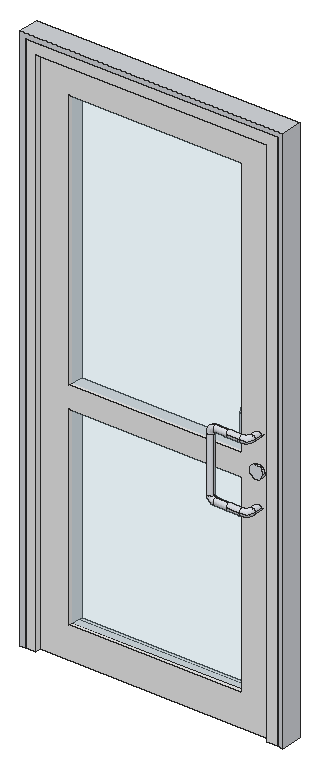
Revit family "AC_Дверь_Однопольная_ПВХ", category Двери, Revit 2019
Family settings
  Основа = Стена
  Номер OmniClass = 23.30.10.00
  Заголовок OmniClass = Doors
  Всегда вертикально = Да
  При загрузке вырезать с полостями = Нет
  Общий = Нет
  Точка расчета площади = Нет
Parameters
  Четверть_Высота [instance] = 40 mm
  Четверть [instance] = no
  Четверть_Сверху [instance] = if(Четверть, Четверть_Высота, 0 mm)  # 0 mm
  Четверть_Сбоку [instance] = if(Четверть, Четверть_Ширина, 0 mm)  # 0 mm
  Четверть_Ширина [instance] = 40 mm
  Функция = Наружные слои
  Угол плане 30 [instance] = yes
  Тип полотна двери = АС-Полотно : Остекленное
  Ручка двери = none
  Рама двери_Ширина справа = 120 mm
  Рама двери_Ширина слева = 120 mm
  Рама двери_Ширина внизу = 120 mm
  Рама двери_Ширина вверху = 120 mm
  Рама двери = none
  Полотно_Ширина = Rough Width - Коробка_Ширина * 2  # 900 mm
  Полотно_Высота = Rough Height - Коробка_Ширина  # 2050 mm
  Защитное ограждение [instance] = no
  Аналитическая конструкция = "<Нет>"
  ADSK_Обозначение = "ГОСТ 30970-2014"
  Наличник двери = none
  ADSK_Наименование = "ДПН О Оп Пр Р 2080х960"
  Монтажный зазор_Верх [instance] = 20 mm
  Коробка_Ширина = 30 mm
  Коробка_Толщина = 80 mm
  Правая = yes
  Полотно двери = none
  Остекление двери = none
  Наличник_Ширина [instance] = 60 mm
  Наличник_Толщина [instance] = 10 mm
  Наличник снаружи [instance] = no
  Наличник внутри [instance] = no
  Монтажный зазор_Справа и Слева [instance] = 20 mm
  Вставка(Четверть.Глубина) [instance] = 0 mm
  Левая = not(Правая)  # no
  Инструкция по семейству [instance] = ""
  Огибание наружных слоев [instance] = 0 mm
  Width [instance] = Rough Width + Монтажный зазор_Справа и Слева * 2  # 1000 mm
  Thickness = 60 mm
  Rough Width = 960 mm
  Rough Height = 2080 mm
  Model = ""
  Manufacturer = ""
  Wall Closure = (empty or 0)
  Height [instance] = Rough Height + Монтажный зазор_Верх  # 2100 mm
  Описание = "Дверь ПВХ остекленная наружная"
  Тип конструкций = "Дверь ПВХ"
  ADSK_Этаж [instance] = ""
  ADSK_Толщина стены [instance] = 0 mm
  ADSK_Примечание [instance] = ""
  ADSK_Предел огнестойкости = ""
  ADSK_Позиция [instance] = ""
  ADSK_Открывание = if(Правая, "Правая", "Левая")  # "Правая"
  ADSK_Откосы_Глубина [instance] = 520 mm
  ADSK_Наименование краткое = ""
  ADSK_Масса_Текст = ""
  ADSK_Количество [instance] = 0
  ADSK_Код изделия = ""
  ADSK_Зона [instance] = ""
  ADSK_Завод-изготовитель = ""
  ADSK_Единица измерения = ""
  ADSK_Группирование [instance] = ""
  ADSK_Версия Revit = "v2019"  # constant formula
  ADSK_URL страницы изделия = ""
  ADSK_URL документации изделия = ""
Reference planes
  plane 1: y = 0
  plane 2 "По центру (Влево/Вправо)": x = 0
  plane 3 "Слева": x = -500
  plane 4 "Справа": x = 500
  plane 5: z = 2100
  plane 6 "Наружный": y = 300
  plane 7 "Внутренние": y = -300
  plane 8 "Вставка двери": y = 300
  plane 9 "Четверть слева": x = -500
  plane 10 "Четверть справа": x = 500
  plane 11 "Четверть сверху": z = 2100
  plane 12 "Полотно двери": y = 240
  plane 13 "Рама внутри": y = 220
  plane 14 "Монтажный зазор слева": x = -480
  plane 15 "Монтажный зазор справа": x = 480
  plane 16 "Монтажный зазор сверху": z = 2080
  plane 17 "Глубина огибания наружного слоя": y = 300
  plane 18: y = 310
  plane 19: x = 490
  plane 20: y = -310
  plane 21: x = -490
  plane 22: x = -450
  plane 23: x = 450
  plane 24: z = 1025
  plane 25 "Верх полотна": z = 2050
Forms (mm)
  Extrusion 1, void
    sketch origin (0, 0, 0) x (1, 0, 0) y (0, 1, 0)
      loop
        line (500, 300) -> (-500, 300) -> (-500, -800) -> (500, -800) -> (500, 300)
    from 0 to 2100
  Extrusion 2, void
    sketch origin (0, 0, 0) x (1, 0, 0) y (0, 1, 0)
      loop
        line (500, 800) -> (-500, 800) -> (-500, 300) -> (500, 300) -> (500, 800)
    from 0 to 2100
  Sweep 3, solid, material <- "Наличник двери", visible <- "Наличник снаружи", detail levels fine
    path origin (0, 300, 0) x (1, 0, 0) y (0, 0, 1)
      loop
        line (-500, 0) -> (-500, 2100) -> (500, 2100) -> (500, 0)
    profile origin (-500, 300, 1050) x (-1, 0, 0) y (0, -1, 0)
      loop
        line (-10, 0) -> (-10, -5)
        arc (-10, -5) -> (-8.536, -8.536) -> (-5, -10) r 5
        line (-5, -10) -> (45, -10)
        arc (45, -10) -> (48.536, -8.536) -> (50, -5) r 5
        line (50, -5) -> (50, 0) -> (-10, 0)
  Sweep 4, solid, material <- "Наличник двери", visible <- "Наличник внутри", detail levels fine
    path origin (0, -300, 0) x (1, 0, 0) y (0, 0, 1)
      loop
        line (-500, 0) -> (-500, 2100) -> (500, 2100) -> (500, 0)
    profile origin (-500, -300, 1050) x (-1, 0, 0) y (0, -1, 0)
      loop
        line (-20, 0) -> (40, 0) -> (40, 5)
        arc (40, 5) -> (38.536, 8.536) -> (35, 10) r 5
        line (35, 10) -> (-15, 10)
        arc (-15, 10) -> (-18.536, 8.536) -> (-20, 5) r 5
        line (-20, 5) -> (-20, 0)
  Sweep 5, solid, material <- "Рама двери", detail levels medium+fine
    path origin (0, 300, 0) x (-1, 0, 0) y (0, 0, 1)
      loop
        line (480, 0) -> (480, 2080) -> (-480, 2080) -> (-480, 0)
    profile origin (480, 300, 1040) x (0, 1, 0) y (-1, 0, 0)
      loop
        line (0, 0) -> (0, 30) -> (-60, 30) -> (-60, 40) -> (-80, 40) -> (-80, 0) -> (0, 0)
  Sweep 6, solid, material <- "Наличник двери", visible <- "Наличник внутри", detail levels fine
    path origin (0, 220, 0) x (-1, 0, 0) y (0, 0, 1)
      loop
        line (500, 0) -> (500, 2100) -> (-500, 2100) -> (-500, 0)
    profile origin (-500, 220, 1050) x (1, 0, 0) y (0, 1, 0)
      loop
        line (0, -525) -> (20, -525) -> (20, 0) -> (0, 0) -> (0, -525)
  Sweep 7, solid, material <- "Наличник двери", visible <- "Наличник снаружи", detail levels fine
    path origin (0, 300, 0) x (-1, 0, 0) y (0, 0, 1)
      loop
        line (500, 0) -> (500, 2100) -> (-500, 2100) -> (-500, 0)
    profile origin (500, 300, 1050) x (0, 1, 0) y (-1, 0, 0)
      loop
        line (5, 0) -> (5, 10) -> (0, 10) -> (0, 0) -> (5, 0)
  Extrusion 8, solid, material <- "Рама двери", detail levels medium+fine
    sketch origin (-2514.822, 300, 1200) x (-1, 0, 0) y (0, 0, 1)
      loop
        line (-3014.822, 900) -> (-3014.822, -1200) -> (-2994.822, -1200) -> (-2994.822, 880) -> (-2034.822, 880) -> (-2034.822, -1200) -> (-2014.822, -1200) -> (-2014.822, 900) -> (-3014.822, 900)
    from 0 to -80
  Extrusion 9, solid, material <- "Полотно двери", detail levels coarse
    sketch origin (0, 0, 0) x (1, 0, 0) y (0, 1, 0)
      loop
        line (-500, 300) -> (-500, 220) -> (500, 220) -> (500, 300) -> (-500, 300)
    from 0 to 2100
Cuts and joins
  joined: Sweep 4, Sweep 6
  joined: Sweep 3, Sweep 7
Lines and regions (mm)
  Masking region 1, detail levels fine
    outline origin (0, 0, 0) x (0, 1, 0) y (0, 0, 1)
      loop
        line (220, 2040) -> (240, 2040) -> (240, 2050) -> (300, 2050) -> (300, 2080) -> (220, 2080) -> (220, 2040)
  Masking region 2, detail levels fine
    outline origin (0, 0, 0) x (0, 1, 0) y (0, 0, 1)
      loop
        line (300, 2080) -> (300, 2100) -> (220, 2100) -> (220, 2080) -> (300, 2080)
  Masking region 3, detail levels fine
    outline origin (0, 0, 0) x (0, 1, 0) y (0, 0, 1)
      loop
        line (300, 0) -> (300, 2050) -> (240, 2050) -> (240, 0) -> (300, 0)
  Masking region 4, detail levels fine
    outline origin (0, 0, 0) x (0, 1, 0) y (0, 0, 1)
      loop
        line (220, 2040) -> (220, 0) -> (240, 0) -> (240, 2040) -> (220, 2040)
  Masking region 5, detail levels coarse+medium
    outline origin (0, 0, 0) x (0, 1, 0) y (0, 0, 1)
      loop
        line (300, 0) -> (300, 2100) -> (220, 2100) -> (220, 0) -> (300, 0)
  symbolic lines, style "Открывание", visible <- "Правая", detail levels medium
    curve 1: line (-450, 300, 0) -> (450, 300, 1025)
    curve 2: line (450, 300, 1025) -> (-450, 300, 2050)
  symbolic lines, style "Открывание", visible <- "Левая", detail levels medium
    curve 3: line (450, 300, 0) -> (-450, 300, 1025)
    curve 4: line (-450, 300, 1025) -> (450, 300, 2050)
Text (mm)
  text "Наружный" at (-2295.016, 1099.543, 0), in view "Опорный уровень "
  text "Наружный" at (0, 1615.38, 3698.081), in view "Слева"
  text "Наружный" at (0, 1036.032, 3874.932), in view "Справа"
Dimensions and locks
  equal spacing: plane 14 "Монтажный зазор слева", plane 2 "По центру (Влево/Вправо)", plane 15 "Монтажный зазор справа"
  "Width": plane 3 "Слева" to plane 4 "Справа"
  "Rough Height": host wall to plane 16 "Монтажный зазор сверху"
  "Height": host wall to plane 5
  locked: plane 6 "Наружный" to host wall at 0
  locked: plane 7 "Внутренние" to host wall
  locked: Extrusion 1 sketch curve to plane 7 "Внутренние" at 500
  "Четверть_Сбоку": plane 3 "Слева" to plane 9 "Четверть слева"
  "Четверть_Сбоку": plane 10 "Четверть справа" to plane 4 "Справа"
  "Четверть_Сверху": plane 11 "Четверть сверху" to plane 5
  locked: plane 6 "Наружный" to Extrusion 2 sketch curve at 500
  "Вставка(Четверть.Глубина)": plane 6 "Наружный" to plane 8 "Вставка двери"
  "Наличник_Ширина": Sweep 3 sketch curve to plane 21
  "Коробка_Толщина": plane 8 "Вставка двери" to plane 13 "Рама внутри"
  "Thickness": plane 8 "Вставка двери" to plane 12 "Полотно двери"
  "Огибание наружных слоев": plane 6 "Наружный" to plane 17 "Глубина огибания наружного слоя"
  "Наличник_Ширина": Sweep 4 sketch curve to Sweep 4 sketch curve
  locked: Sweep 4 sketch curve to Sweep 4 sketch curve at 5  (x4)
  locked: Sweep 3 sketch curve to Sweep 3 sketch curve at 5
  "Коробка_Ширина": Sweep 5 sketch curve to profile plane
  locked: Sweep 5 sketch curve to Sweep 5 sketch curve at 10
  locked: Sweep 6 sketch curve to plane 20 at 5
  "Наличник_Толщина": plane 7 "Внутренние" to plane 20
  "Наличник_Толщина": plane 18 to plane 6 "Наружный"
  "Наличник_Толщина": plane 9 "Четверть слева" to plane 21
  "Наличник_Толщина": plane 19 to plane 10 "Четверть справа"
  locked: plane 18 to Sweep 3 sketch curve at 5  (x2)
  locked: Sweep 3 sketch curve to plane 21 at 5
  locked: plane 18 to Sweep 7 sketch curve at 5
  "ADSK_Откосы_Глубина": plane 7 "Внутренние" to plane 13 "Рама внутри"
  equal spacing: plane 3 "Слева", plane 2 "По центру (Влево/Вправо)", plane 4 "Справа"
  "Rough Width": plane 14 "Монтажный зазор слева" to plane 15 "Монтажный зазор справа"
  "Коробка_Ширина": plane 14 "Монтажный зазор слева" to plane 22
  "Коробка_Ширина": plane 23 to plane 15 "Монтажный зазор справа"
  equal spacing: level, plane 24, plane 25 "Верх полотна"
  "Коробка_Ширина": plane 25 "Верх полотна" to plane 16 "Монтажный зазор сверху"
  aligned and locked: plane 1 to host wall
  aligned and locked: plane 8 "Вставка двери" to Extrusion 1 sketch curve
  aligned and locked: plane 3 "Слева" to Extrusion 1 sketch curve
  aligned and locked: Extrusion 1 sketch curve to plane 4 "Справа"
  aligned and locked: Extrusion 1 to level
  aligned and locked: Extrusion 1 to plane 5
  aligned and locked: Extrusion 2 sketch curve to plane 8 "Вставка двери"
  aligned and locked: plane 10 "Четверть справа" to Extrusion 2 sketch curve
  aligned and locked: Extrusion 2 sketch curve to plane 9 "Четверть слева"
  aligned and locked: Extrusion 2 to level
  aligned and locked: plane 11 "Четверть сверху" to Extrusion 2
  aligned and locked: plane 9 "Четверть слева" to Sweep 3 sketch curve
  aligned and locked: plane 11 "Четверть сверху" to Sweep 3 sketch curve
  aligned and locked: plane 10 "Четверть справа" to Sweep 3 sketch curve
  aligned and locked: Sweep 4 sketch curve to plane 3 "Слева"
  aligned and locked: Sweep 4 sketch curve to plane 5
  aligned and locked: Sweep 4 sketch curve to plane 4 "Справа"
  aligned and locked: level to Sweep 4 sketch curve  (x2)
  aligned and locked: Sweep 4 sketch curve to plane 7 "Внутренние"
  aligned and locked: Sweep 5 sketch curve to plane 15 "Монтажный зазор справа"
  aligned and locked: Sweep 5 sketch curve to plane 16 "Монтажный зазор сверху"
  aligned and locked: Sweep 5 sketch curve to plane 14 "Монтажный зазор слева"
  aligned and locked: level to Sweep 5 sketch curve  (x2)
  aligned and locked: profile plane to Sweep 5 sketch curve
  aligned and locked: plane 13 "Рама внутри" to Sweep 5 sketch curve
  aligned and locked: plane 8 "Вставка двери" to Sweep 5 sketch curve
  aligned and locked: plane 12 "Полотно двери" to Sweep 5 sketch curve
  aligned and locked: Sweep 4 sketch curve to plane 14 "Монтажный зазор слева"
  aligned and locked: plane 3 "Слева" to Sweep 6 sketch curve
  aligned and locked: plane 5 to Sweep 6 sketch curve
  aligned and locked: plane 4 "Справа" to Sweep 6 sketch curve
  aligned and locked: level to Sweep 6 sketch curve  (x2)
  aligned and locked: Sweep 6 sketch curve to plane 3 "Слева"
  aligned and locked: Sweep 6 sketch curve to plane 14 "Монтажный зазор слева"
  aligned and locked: Sweep 6 sketch curve to plane 13 "Рама внутри"
  aligned and locked: profile plane to Sweep 3 sketch curve
  aligned and locked: level to Sweep 7 sketch curve  (x2)
  aligned and locked: Sweep 7 sketch curve to plane 11 "Четверть сверху"
  aligned and locked: plane 10 "Четверть справа" to Sweep 7 sketch curve  (x2)
  aligned and locked: plane 9 "Четверть слева" to Sweep 7 sketch curve
  aligned and locked: plane 8 "Вставка двери" to Sweep 7 sketch curve
  aligned and locked: plane 20 to Sweep 4 sketch curve
  aligned and locked: plane 18 to Sweep 3 sketch curve
  aligned and locked: Sweep 7 sketch curve to plane 19
  aligned and locked: Masking region 1 sketch curve to Sweep 5  (x2)
  aligned and locked: plane 12 "Полотно двери" to Masking region 1 sketch curve
  aligned and locked: plane 13 "Рама внутри" to Masking region 1 sketch curve
  aligned and locked: plane 8 "Вставка двери" to Masking region 1 sketch curve
  aligned and locked: plane 16 "Монтажный зазор сверху" to Masking region 1 sketch curve
  aligned and locked: plane 8 "Вставка двери" to Masking region 2 sketch curve
  aligned and locked: plane 13 "Рама внутри" to Masking region 2 sketch curve
  aligned and locked: plane 16 "Монтажный зазор сверху" to Masking region 2 sketch curve
  aligned and locked: plane 5 to Masking region 2 sketch curve
  aligned and locked: plane 8 "Вставка двери" to Masking region 3 sketch curve
  aligned and locked: plane 12 "Полотно двери" to Masking region 3 sketch curve
  aligned and locked: level to Masking region 3 sketch curve
  aligned and locked: Masking region 3 sketch curve to Sweep 5
  aligned and locked: Masking region 4 sketch curve to Sweep 5
  aligned and locked: plane 13 "Рама внутри" to Masking region 4 sketch curve
  aligned and locked: plane 12 "Полотно двери" to Masking region 4 sketch curve
  aligned and locked: level to Masking region 4 sketch curve
  aligned and locked: plane 8 "Вставка двери" to Masking region 5 sketch curve
  aligned and locked: plane 13 "Рама внутри" to Masking region 5 sketch curve
  aligned and locked: plane 5 to Masking region 5 sketch curve
  aligned and locked: level to Masking region 5 sketch curve
  aligned and locked: Extrusion 8 sketch curve to plane 4 "Справа"
  aligned and locked: Extrusion 8 sketch curve to plane 3 "Слева"
  aligned and locked: Extrusion 8 sketch curve to plane 5
  aligned and locked: Extrusion 8 sketch curve to plane 16 "Монтажный зазор сверху"
  aligned and locked: Extrusion 8 sketch curve to plane 14 "Монтажный зазор слева"
  aligned and locked: Extrusion 8 sketch curve to plane 15 "Монтажный зазор справа"
  aligned and locked: Extrusion 8 sketch curve to level
  aligned and locked: Extrusion 8 to plane 13 "Рама внутри"
  aligned and locked: plane 8 "Вставка двери" to Extrusion 8
  aligned and locked: nested 1 to plane 8 "Вставка двери"
  aligned and locked: nested 1 to plane 3 "Слева"
  aligned and locked: nested 1 to plane 4 "Справа"
  aligned and locked: nested 2 to plane 4 "Справа"
  aligned and locked: nested 2 to plane 3 "Слева"
  aligned and locked: plane 8 "Вставка двери" to nested 2
  aligned and locked: nested 3 to plane 8 "Вставка двери"
  aligned and locked: nested 3 to plane 22
  aligned and locked: nested 3 to plane 23
  aligned and locked: nested 4 to plane 8 "Вставка двери"
  aligned and locked: nested 4 to plane 22
  aligned and locked: plane 8 "Вставка двери" to nested 5
  aligned and locked: nested 5 to plane 23
  aligned and locked: Extrusion 9 sketch curve to plane 8 "Вставка двери"
  aligned and locked: Extrusion 9 sketch curve to plane 13 "Рама внутри"
  aligned and locked: Extrusion 9 sketch curve to plane 4 "Справа"
  aligned and locked: Extrusion 9 sketch curve to plane 3 "Слева"
  aligned and locked: Extrusion 9 to level
  aligned and locked: Extrusion 9 to plane 5
  aligned and locked: curve 3 to Sweep 5
  aligned and locked: Sweep 5 to curve 1
  aligned and locked: plane 25 "Верх полотна" to curve 2
  aligned and locked: plane 25 "Верх полотна" to curve 4
  aligned and locked: plane 24 to curve 2
  aligned and locked: plane 24 to curve 4
  aligned and locked: level to curve 1
  aligned and locked: level to curve 3
  aligned and locked: plane 22 to curve 2
  aligned and locked: plane 23 to curve 4
  aligned and locked: plane 23 to curve 2
  aligned and locked: plane 22 to curve 4
Automatic sketch dimensions
  Sweep 3 sketch curve to level = 0 mm  (x2)
  Extrusion 8 sketch curve to level = 0 mm
Nested families
  nested 1: "АС-Однопольная-Обозначение на плане" at (0, 300, 0), Height <- "Height", Rough Width <- "Rough Width", Thickness <- "Thickness", Коробка.Толщина <- "Коробка_Толщина", Полотно.Ширина <- "Полотно_Ширина", visible <- "Левая", Width <- "Width", type "АС-Стандарт"
    with Полотно.Ширина 900 mm, Коробка.Толщина 80 mm, Width 1000 mm, Thickness 60 mm, Rough Width 960 mm, Height 2100 mm, Открывание двери 90 no, Открывание двери 30 yes, Линия открывания (дуга) no
  nested 2: "АС-Однопольная-Обозначение на плане" at (0, 300, 0) x (-1, 0, 0) z (0, 0, 1), Height <- "Height", Rough Width <- "Rough Width", Thickness <- "Thickness", Коробка.Толщина <- "Коробка_Толщина", Полотно.Ширина <- "Полотно_Ширина", visible <- "Правая", Width <- "Width", type "АС-Стандарт"
    with Полотно.Ширина 900 mm, Коробка.Толщина 80 mm, Width 1000 mm, Thickness 60 mm, Rough Width 960 mm, Height 2100 mm, Открывание двери 90 no, Открывание двери 30 yes, Линия открывания (дуга) no
  nested 3: "АС-Полотно" at (0, 300, 0), Рама.Ширина справа <- "Рама двери_Ширина справа", Рама.Ширина слева <- "Рама двери_Ширина слева", Рама.Ширина внизу <- "Рама двери_Ширина внизу", Рама.Ширина вверху <- "Рама двери_Ширина вверху", Полотно двери.Толщина <- "Thickness", Полотно двери.Высота <- "Полотно_Высота", Полотно двери.Ширина <- "Полотно_Ширина", type <- "Тип полотна двери", Фурнитура <- "Ручка двери", Полотно двери <- "Полотно двери", Остекление двери <- "Остекление двери", Защитные ограждения <- "Защитное ограждение", type "Остекленное"
    with Фурнитура none, Рама.Ширина справа 120 mm, Рама.Ширина слева 120 mm, Рама.Ширина внизу 120 mm, Рама.Ширина вверху 120 mm, Полотно двери.Ширина 900 mm, Полотно двери.Толщина 60 mm, Полотно двери.Высота 2050 mm, Полотно двери none, Остекление двери none, Защитные ограждения no
  nested 4: "АС-Ручка двери" at (-450, 300, 0), Полотно двери.Толщина <- "Thickness", visible <- "Левая", Ручка двери <- "Ручка двери", type "АС-Стандарт"
    with Ручка двери none, Полотно двери.Толщина 60 mm, Отступ ручки от края 60 mm, Высота расположения ручки 1025 mm
  nested 5: "АС-Ручка двери" at (450, 300, 0) x (-1, 0, 0) z (0, 0, 1), Полотно двери.Толщина <- "Thickness", visible <- "Правая", Ручка двери <- "Ручка двери", type "АС-Стандарт"
    with Ручка двери none, Полотно двери.Толщина 60 mm, Отступ ручки от края 60 mm, Высота расположения ручки 1025 mm
Definition of nested family "АС-Полотно"
  Parameters (values of type "Остекленное")
    Фурнитура [instance] = none
    Рама.Ширина справа [instance] = 80 mm
    Рама.Ширина слева [instance] = 80 mm
    Рама.Ширина внизу [instance] = 80 mm
    Рама.Ширина вверху [instance] = 80 mm
    Остекленное = not(or(Глухой низ, Глухое))  # yes
    Полотно двери.Ширина [instance] = 1000 mm
    Полотно двери.Толщина [instance] = 60 mm
    Полотно двери.Высота [instance] = 2400 mm
    Полотно двери [instance] = none
    Защитные ограждения [instance] = no
    Глухой низ = no
    Остекление двери [instance] = none
    Default Elevation = 0 mm
    Глухое = no
    Analytic Construction = "<Нет>"
  Types (3, lengths in mm): name | Остекленное | Полотно двери.Ширина | Полотно двери.Высота | Глухой низ | Глухое
    Глухой низ | no | 900 | 2100 | yes | no
    Остекленное | yes | 1000 | 2400 | no | no
    Глухое | no | 900 | 2100 | no | yes
  Reference planes
    plane 1 "Center (Front/Back)": y = 0
    plane 2: z = 0
    plane 3 "Center (Left/Right)": x = 0
    plane 4: x = -500
    plane 5: x = 500
    plane 6 "Back": y = -60
    plane 7: z = 2400
    plane 8 "Остекление снаружи": y = -15
    plane 9 "Остекление внутри": y = -45
    plane 10 "Ширина рамы справа": x = -420
    plane 11 "Ширина рамы слева": x = 420
    plane 12 "Ширина рамы внизу": z = 80
    plane 13 "Ширина рамы вверху": z = 2320
    plane 14: z = 350
    plane 15: z = 500
    plane 16: z = 650
  Forms (mm)
    Extrusion 1, solid, material <- "Полотно двери", detail levels medium+fine
      sketch origin (0, 0, 0) x (1, 0, 0) y (0, 0, 1)
        loop
          line (-500, 2400) -> (-500, 0) -> (500, 0) -> (500, 2400) -> (-500, 2400)
        loop
          line (-420, 2320) -> (-420, 940) -> (420, 940) -> (420, 2320) -> (-420, 2320)
        loop
          line (-420, 80) -> (420, 80) -> (420, 860) -> (-420, 860) -> (-420, 80)
      from 0 to 60 <- "Полотно двери.Толщина"
    Extrusion 2, solid, material <- "Остекление двери", visible <- "Остекленное", detail levels medium+fine
      sketch origin (-646.608, -15, 1200) x (-1, 0, 0) y (0, 0, 1)
        loop
          line (-226.608, 1120) -> (-1066.608, 1120) -> (-1066.608, -1120) -> (-226.608, -1120) -> (-226.608, 1120)
      from 0 to -30
    Extrusion 3, solid, material <- "Остекление двери", visible <- "Глухой низ", detail levels medium+fine
      sketch origin (-646.608, -15, 1200) x (-1, 0, 0) y (0, 0, 1)
        loop
          line (-226.608, 1120) -> (-1066.608, 1120) -> (-1066.608, -260) -> (-226.608, -260) -> (-226.608, 1120)
      from 0 to -30
    Extrusion 4, solid, material <- "Полотно двери", visible <- "Глухой низ", detail levels medium+fine
      sketch origin (-646.608, -15, 1200) x (-1, 0, 0) y (0, 0, 1)
        loop
          line (-226.608, -340) -> (-1066.608, -340) -> (-1066.608, -1120) -> (-226.608, -1120) -> (-226.608, -340)
      from 0 to -30
    Extrusion 5, solid, material <- "Полотно двери", visible <- "Глухое", detail levels medium+fine
      sketch origin (0, 0, 0) x (1, 0, 0) y (0, 0, 1)
        loop
          line (-420, 2320) -> (-420, 80) -> (420, 80) -> (420, 2320) -> (-420, 2320)
      from 15 to 45
    Sweep 6, solid, material <- "Фурнитура", visible <- "Защитные ограждения", detail levels medium+fine
      path origin (-858.179, -1524, 650) x (-1, 0, 0) y (0, -1, 0)
        loop
          arc (-408.179, -1449) -> (-412.572, -1438.393) -> (-423.179, -1434) r 15
          line (-423.179, -1434) -> (-1293.179, -1434)
          arc (-1293.179, -1434) -> (-1303.785, -1438.393) -> (-1308.179, -1449) r 15
          line (-1308.179, -1449) -> (-1308.179, -1539)
          arc (-1308.179, -1539) -> (-1303.785, -1549.607) -> (-1293.179, -1554) r 15
          line (-1293.179, -1554) -> (-423.179, -1554)
          arc (-423.179, -1554) -> (-412.572, -1549.607) -> (-408.179, -1539) r 15
          line (-408.179, -1539) -> (-408.179, -1449)
      profile origin (-450, -30, 650) x (-1, 0, 0) y (0, 0, 1)
        loop
          circle (0, 0) r 10
    Sweep 7, solid, material <- "Фурнитура", visible <- "Защитные ограждения", detail levels medium+fine
      path origin (-832.344, -1524, 500) x (-1, 0, 0) y (0, -1, 0)
        loop
          arc (-382.344, -1449) -> (-386.737, -1438.393) -> (-397.344, -1434) r 15
          line (-397.344, -1434) -> (-1267.344, -1434)
          arc (-1267.344, -1434) -> (-1277.951, -1438.393) -> (-1282.344, -1449) r 15
          line (-1282.344, -1449) -> (-1282.344, -1539)
          arc (-1282.344, -1539) -> (-1277.951, -1549.607) -> (-1267.344, -1554) r 15
          line (-1267.344, -1554) -> (-397.344, -1554)
          arc (-397.344, -1554) -> (-386.737, -1549.607) -> (-382.344, -1539) r 15
          line (-382.344, -1539) -> (-382.344, -1449)
      profile origin (-450, -30, 500) x (-1, 0, 0) y (0, 0, 1)
        loop
          circle (0, 0) r 10
    Sweep 8, solid, material <- "Фурнитура", visible <- "Защитные ограждения", detail levels medium+fine
      path origin (-812.323, -1524, 350) x (-1, 0, 0) y (0, -1, 0)
        loop
          arc (-362.323, -1449) -> (-366.716, -1438.393) -> (-377.323, -1434) r 15
          line (-377.323, -1434) -> (-1247.323, -1434)
          arc (-1247.323, -1434) -> (-1257.93, -1438.393) -> (-1262.323, -1449) r 15
          line (-1262.323, -1449) -> (-1262.323, -1539)
          arc (-1262.323, -1539) -> (-1257.93, -1549.607) -> (-1247.323, -1554) r 15
          line (-1247.323, -1554) -> (-377.323, -1554)
          arc (-377.323, -1554) -> (-366.716, -1549.607) -> (-362.323, -1539) r 15
          line (-362.323, -1539) -> (-362.323, -1449)
      profile origin (-450, -30, 350) x (-1, 0, 0) y (0, 0, 1)
        loop
          circle (0, 0) r 10
  Dimensions and locks
    "Полотно двери.Толщина": plane 1 "Center (Front/Back)" to plane 6 "Back"
    equal spacing: plane 4, plane 3 "Center (Left/Right)", plane 5
    "Полотно двери.Ширина": plane 4 to plane 5
    "Полотно двери.Высота": plane 7 to plane 2
    locked: plane 9 "Остекление внутри" to plane 6 "Back" at 15
    locked: plane 1 "Center (Front/Back)" to plane 8 "Остекление снаружи" at 15
    "Рама.Ширина вверху": plane 7 to plane 13 "Ширина рамы вверху"
    "Рама.Ширина внизу": plane 12 "Ширина рамы внизу" to plane 2
    "Рама.Ширина справа": plane 5 to plane 11 "Ширина рамы слева"
    "Рама.Ширина слева": plane 10 "Ширина рамы справа" to plane 4
    plane 7 to plane 2 = 2400 mm
    locked: Extrusion 1 sketch curve to plane 2 at 860
    locked: Extrusion 1 sketch curve to Extrusion 1 sketch curve at 80
    locked: plane 16 to plane 2 at 650
    plane 16 to plane 15 to plane 14 = 150 mm locked, 150 mm locked
    locked: Sweep 6 sketch curve to profile plane at 0
    locked: profile plane to Sweep 6 sketch curve at 0
    locked: Sweep 6 sketch curve to Sweep 6 sketch curve at 15  (x8)
    locked: Sweep 6 sketch curve to plane 10 "Ширина рамы справа" at 30
    locked: plane 11 "Ширина рамы слева" to Sweep 6 sketch curve at 30
    locked: plane 1 "Center (Front/Back)" to Sweep 6 sketch curve at 30
    locked: plane 6 "Back" to Sweep 6 sketch curve at 30
    locked: Sweep 7 sketch curve to profile plane at 0
    locked: profile plane to Sweep 7 sketch curve at 0
    locked: Sweep 7 sketch curve to Sweep 7 sketch curve at 15  (x8)
    locked: Sweep 7 sketch curve to plane 10 "Ширина рамы справа" at 30
    locked: plane 11 "Ширина рамы слева" to Sweep 7 sketch curve at 30
    locked: plane 1 "Center (Front/Back)" to Sweep 7 sketch curve at 30
    locked: plane 6 "Back" to Sweep 7 sketch curve at 30
    locked: Sweep 8 sketch curve to profile plane at 0
    locked: profile plane to Sweep 8 sketch curve at 0
    locked: Sweep 8 sketch curve to Sweep 8 sketch curve at 15  (x8)
    locked: Sweep 8 sketch curve to plane 10 "Ширина рамы справа" at 30
    locked: plane 11 "Ширина рамы слева" to Sweep 8 sketch curve at 30
    locked: plane 6 "Back" to Sweep 8 sketch curve at 30
    locked: plane 1 "Center (Front/Back)" to Sweep 8 sketch curve at 30
    aligned and locked: level to plane 2
    aligned and locked: Extrusion 1 sketch curve to plane 7
    aligned and locked: plane 4 to Extrusion 1 sketch curve
    aligned and locked: plane 2 to Extrusion 1 sketch curve
    aligned and locked: Extrusion 1 sketch curve to plane 5
    aligned and locked: Extrusion 1 to plane 1 "Center (Front/Back)"
    aligned and locked: Extrusion 1 to plane 6 "Back"
    aligned and locked: Extrusion 2 sketch curve to plane 10 "Ширина рамы справа"
    aligned and locked: Extrusion 2 sketch curve to plane 11 "Ширина рамы слева"
    aligned and locked: plane 13 "Ширина рамы вверху" to Extrusion 2 sketch curve
    aligned and locked: plane 12 "Ширина рамы внизу" to Extrusion 2 sketch curve
    aligned and locked: Extrusion 2 to plane 8 "Остекление снаружи"
    aligned and locked: Extrusion 2 to plane 9 "Остекление внутри"
    aligned and locked: Extrusion 1 sketch curve to plane 10 "Ширина рамы справа"
    aligned and locked: Extrusion 1 sketch curve to plane 11 "Ширина рамы слева"
    aligned and locked: Extrusion 1 sketch curve to plane 13 "Ширина рамы вверху"
    aligned and locked: Extrusion 1 sketch curve to plane 12 "Ширина рамы внизу"
    aligned and locked: Extrusion 3 sketch curve to plane 10 "Ширина рамы справа"
    aligned and locked: Extrusion 3 sketch curve to plane 11 "Ширина рамы слева"
    aligned and locked: plane 13 "Ширина рамы вверху" to Extrusion 3 sketch curve
    aligned and locked: Extrusion 3 sketch curve to Extrusion 1
    aligned and locked: Extrusion 3 to plane 8 "Остекление снаружи"
    aligned and locked: Extrusion 3 to plane 9 "Остекление внутри"
    aligned and locked: plane 10 "Ширина рамы справа" to Extrusion 4 sketch curve
    aligned and locked: plane 11 "Ширина рамы слева" to Extrusion 4 sketch curve
    aligned and locked: plane 12 "Ширина рамы внизу" to Extrusion 4 sketch curve
    aligned and locked: Extrusion 4 sketch curve to Extrusion 1
    aligned and locked: Extrusion 4 to plane 8 "Остекление снаружи"
    aligned and locked: Extrusion 4 to plane 9 "Остекление внутри"
    aligned and locked: Extrusion 5 sketch curve to plane 13 "Ширина рамы вверху"
    aligned and locked: plane 12 "Ширина рамы внизу" to Extrusion 5 sketch curve
    aligned and locked: plane 10 "Ширина рамы справа" to Extrusion 5 sketch curve
    aligned and locked: Extrusion 5 sketch curve to plane 11 "Ширина рамы слева"
    aligned and locked: plane 8 "Остекление снаружи" to Extrusion 5
    aligned and locked: Extrusion 5 to plane 9 "Остекление внутри"
  Automatic sketch dimensions
    Extrusion 1 sketch curve to plane 10 "Ширина рамы справа" = 0 mm
    Extrusion 1 sketch curve to plane 11 "Ширина рамы слева" = 0 mm
    radius of Sweep 6 sketch curve = 10 mm
    radius of Sweep 7 sketch curve = 10 mm
    radius of Sweep 8 sketch curve = 10 mm
Definition of nested family "АС-Ручка двери"
  Parameters
    Ручка двери [instance] = none
    Полотно двери.Толщина [instance] = 90 mm
    Отступ ручки от края = 90 mm
    Высота расположения ручки = 900 mm
    Default Elevation = 0 mm
  Reference planes
    plane 1 "Наружная сторона полотна": y = 0
    plane 2: z = 0
    plane 3 "Край полотна": x = 0
    plane 4 "Вертикаль расположения": x = 90
    plane 5 "Горизонталь расположения": z = 900
    plane 6 "Внутренняя сторона полотна": y = -90
    plane 7: z = 650
    plane 8: y = 50
    plane 9: y = -140
  Forms (mm)
    Sweep 1, solid, material <- "Ручка двери", detail levels fine
      path origin (0, 0, 900) x (1, 0, 0) y (0, 1, 0)
        loop
          line (160, 50) -> (110, 50)
          arc (110, 50) -> (95.858, 44.142) -> (90, 30) r 20
          line (90, 30) -> (90, -120)
          arc (90, -120) -> (95.858, -134.142) -> (110, -140) r 20
          line (110, -140) -> (160, -140)
      profile origin (90, -45, 900) x (1, 0, 0) y (0, 0, 1)
        loop
          circle (0, 0) r 12
    Extrusion 2, solid, material <- "Ручка двери", detail levels fine
      sketch origin (0, 0, 0) x (1, 0, 0) y (0, 0, 1)
        loop
          circle (90, 775) r 25
      from 98 to -8
    Sweep 3, solid, material <- "Ручка двери", detail levels fine
      path origin (592.846, -30.48, 650) x (1, 0, 0) y (0, 1, 0)
        loop
          line (-432.846, 80.48) -> (-482.846, 80.48)
          arc (-482.846, 80.48) -> (-496.988, 74.622) -> (-502.846, 60.48) r 20
          line (-502.846, 60.48) -> (-502.846, -89.52)
          arc (-502.846, -89.52) -> (-496.988, -103.662) -> (-482.846, -109.52) r 20
          line (-482.846, -109.52) -> (-432.846, -109.52)
      profile origin (90, -45, 650) x (1, 0, 0) y (0, 0, 1)
        loop
          circle (0, 0) r 12
    Sweep 4, solid, material <- "Ручка двери", detail levels fine
      path origin (160, 50, 1200) x (1, 0, 0) y (0, 0, 1)
        loop
          line (0, -300) -> (50, -300)
          arc (50, -300) -> (64.142, -305.858) -> (70, -320) r 20
          line (70, -320) -> (70, -530)
          arc (70, -530) -> (64.142, -544.142) -> (50, -550) r 20
          line (50, -550) -> (0, -550)
      profile origin (185, 50, 900) x (0, 0, 1) y (0, -1, 0)
        loop
          circle (0, 0) r 12
    Sweep 5, solid, material <- "Ручка двери", detail levels fine
      path origin (160, -140, 1200) x (1, 0, 0) y (0, 0, 1)
        loop
          line (0, -300) -> (50, -300)
          arc (50, -300) -> (64.142, -305.858) -> (70, -320) r 20
          line (70, -320) -> (70, -530)
          arc (70, -530) -> (64.142, -544.142) -> (50, -550) r 20
          line (50, -550) -> (0, -550)
      profile origin (185, -140, 900) x (0, 0, 1) y (0, -1, 0)
        loop
          circle (0, 0) r 12
  Cuts and joins
    joined: Sweep 1, Sweep 3, Sweep 4, Sweep 5
  Dimensions and locks
    "Отступ ручки от края": plane 3 "Край полотна" to plane 4 "Вертикаль расположения"
    "Высота расположения ручки": plane 5 "Горизонталь расположения" to level
    "Полотно двери.Толщина": plane 1 "Наружная сторона полотна" to plane 6 "Внутренняя сторона полотна"
    locked: plane 1 "Наружная сторона полотна" to Extrusion 2 at 8
    locked: plane 6 "Внутренняя сторона полотна" to Extrusion 2 at 8
    locked: Extrusion 2 sketch curve to plane 5 "Горизонталь расположения" at 125
    locked: Extrusion 2 sketch curve to plane 4 "Вертикаль расположения"
    locked: plane 1 "Наружная сторона полотна" to Sweep 1 sketch curve at 50
    locked: plane 6 "Внутренняя сторона полотна" to Sweep 1 sketch curve at 50
    locked: plane 4 "Вертикаль расположения" to Sweep 1 sketch curve at 70  (x2)
    locked: Sweep 1 sketch curve to plane 5 "Горизонталь расположения"
    locked: plane 4 "Вертикаль расположения" to Sweep 1 sketch curve at 0
    locked: plane 1 "Наружная сторона полотна" to Sweep 3 sketch curve at 50
    locked: plane 6 "Внутренняя сторона полотна" to Sweep 3 sketch curve at 50
    locked: plane 4 "Вертикаль расположения" to Sweep 3 sketch curve at 70  (x2)
    locked: plane 7 to plane 5 "Горизонталь расположения" at 250
    locked: plane 8 to plane 1 "Наружная сторона полотна" at 50
    locked: plane 9 to plane 6 "Внутренняя сторона полотна" at 50
    locked: Sweep 4 sketch curve to plane 4 "Вертикаль расположения" at 140
    locked: Sweep 5 sketch curve to plane 4 "Вертикаль расположения" at 140
    aligned and locked: Sweep 1 sketch curve to plane 4 "Вертикаль расположения"
    aligned and locked: Sweep 3 sketch curve to plane 4 "Вертикаль расположения"
    aligned and locked: plane 7 to Sweep 4 sketch curve
    aligned and locked: plane 5 "Горизонталь расположения" to Sweep 4 sketch curve
    aligned and locked: plane 5 "Горизонталь расположения" to Sweep 5 sketch curve
    aligned and locked: plane 7 to Sweep 5 sketch curve
  Automatic sketch dimensions
    plane 4 "Вертикаль расположения" to Sweep 1 sketch curve = 20 mm  (x2)
    plane 4 "Вертикаль расположения" to Sweep 3 sketch curve = 20 mm  (x2)
    Sweep 3 sketch curve to plane 7 = 0 mm
    profile plane to Sweep 3 sketch curve = 0 mm
    Sweep 4 sketch curve to Sweep 4 sketch curve = 20 mm
    Sweep 4 sketch curve to plane 5 "Горизонталь расположения" = 20 mm
    Sweep 4 sketch curve to Sweep 4 sketch curve = 50 mm  (x2)
    Sweep 4 sketch curve to plane 8 = 0 mm
    profile plane to Sweep 4 sketch curve = 0 mm
    profile plane to Sweep 5 sketch curve = 0 mm
    Sweep 5 sketch curve to profile plane = 0 mm
    plane 4 "Вертикаль расположения" to Sweep 5 sketch curve = 70 mm
    Sweep 5 sketch curve to Sweep 5 sketch curve = 50 mm  (x2)
    Sweep 5 sketch curve to plane 5 "Горизонталь расположения" = 20 mm
    radius of Sweep 1 sketch curve = 12 mm
    radius of Extrusion 2 sketch curve = 25 mm
    radius of Sweep 3 sketch curve = 12 mm
    radius of Sweep 4 sketch curve = 12 mm
    radius of Sweep 5 sketch curve = 12 mm
Definition of nested family "АС-Однопольная-Обозначение на плане"
  Parameters
    Полотно.Ширина [instance] = 900 mm
    Открывание двери 90 = not(Открывание двери 30)  # yes
    Открывание двери 30 = no
    Линия открывания (дуга) = not(Открывание двери 30)  # yes
    Коробка.Толщина [instance] = 80 mm
    Width [instance] = 1000 mm
    Thickness [instance] = 40 mm
    Rough Width [instance] = 960 mm
    Height [instance] = 2100 mm
    Default Elevation = 0 mm
  Reference planes
    plane 1 "Center (Front/Back)": y = 0
    plane 2: z = 0
    plane 3 "Center (Left/Right)": x = 0
    plane 4 "Полотно.Слева": x = -480
    plane 5 "Полотно справа": x = 480
    plane 6 "Проем.Слева": x = -500
    plane 7 "Проем.Справа": x = 500
    plane 8 "Полотно. Внутренняя сторона": y = -40
    plane 9 "Коробка. Внутренняя сторона": y = -80
    plane 10 "Коробка.Внутренняя сторона слева": x = -450
    plane 11 "Коробка. Внутренняя сторона справа": x = 450
  Lines and regions (mm)
    Masking region 1, detail levels fine
      outline origin (0, 0, 0) x (1, 0, 0) y (0, 1, 0)
        loop
          line (-500, -80) -> (-480, -80) -> (-480, 0) -> (-500, 0) -> (-500, -80)
    Masking region 2, detail levels fine
      outline origin (0, 0, 0) x (1, 0, 0) y (0, 1, 0)
        loop
          line (500, -80) -> (500, 0) -> (480, 0) -> (480, -80) -> (500, -80)
    Masking region 3, detail levels fine
      outline origin (0, 0, 0) x (1, 0, 0) y (0, 1, 0)
        loop
          line (-480, 0) -> (-480, -80) -> (-440, -80) -> (-440, -40) -> (-450, -40) -> (-450, 0) -> (-480, 0)
    Masking region 4, detail levels fine
      outline origin (0, 0, 0) x (1, 0, 0) y (0, 1, 0)
        loop
          line (480, 0) -> (450, 0) -> (450, -40) -> (440, -40) -> (440, -80) -> (480, -80) -> (480, 0)
    Masking region 5, visible <- "Открывание двери 90", detail levels fine
      outline origin (0, 0, 0) x (1, 0, 0) y (0, 1, 0)
        loop
          line (450, 0) -> (450, 900) -> (410, 900) -> (410, 0) -> (450, 0)
    Masking region 6, visible <- "Открывание двери 30", detail levels fine
      outline origin (0, 0, 0) x (1, 0, 0) y (0, 1, 0)
        loop
          line (450, 0) -> (-329.423, 450) -> (-349.423, 415.359) -> (430, -34.641) -> (450, 0)
    symbolic lines, visible <- "Открывание двери 30", detail levels coarse+medium
      curve 1: line (500, 0, 0) -> (-366.025, 500, 0)
    symbolic lines, visible <- "Открывание двери 90", detail levels coarse+medium
      curve 2: line (500, 0, 0) -> (500, 1000, 0)
    symbolic lines, visible <- "Линия открывания (дуга)", detail levels coarse+medium
      curve 3: arc (500, 1000, 0) -> (-207.107, 707.107, 0) -> (-500, 0, 0) r 1000
    symbolic lines, visible <- "Линия открывания (дуга)", detail levels fine
      curve 4: arc (-450, 0, 0) -> (-186.396, 636.396, 0) -> (450, 900, 0) r 900
    model lines
      curve 5: line (0, 0, 0) -> (0, 0, 2100)
  Dimensions and locks
    "Thickness": plane 1 "Center (Front/Back)" to plane 8 "Полотно. Внутренняя сторона"
    equal spacing: plane 4 "Полотно.Слева", plane 3 "Center (Left/Right)", plane 5 "Полотно справа"
    equal spacing: plane 6 "Проем.Слева", plane 3 "Center (Left/Right)", plane 7 "Проем.Справа"
    "Width": plane 6 "Проем.Слева" to plane 7 "Проем.Справа"
    "Rough Width": plane 4 "Полотно.Слева" to plane 5 "Полотно справа"
    plane 1 "Center (Front/Back)" to plane 9 "Коробка. Внутренняя сторона" = 80 mm
    "Коробка.Толщина": plane 9 "Коробка. Внутренняя сторона" to plane 1 "Center (Front/Back)"
    equal spacing: plane 10 "Коробка.Внутренняя сторона слева", plane 3 "Center (Left/Right)", plane 11 "Коробка. Внутренняя сторона справа"
    "Полотно.Ширина": plane 10 "Коробка.Внутренняя сторона слева" to plane 11 "Коробка. Внутренняя сторона справа"
    "Width": curve 1 to curve 1
    "Width": plane 1 "Center (Front/Back)" to curve 2
    locked: plane 10 "Коробка.Внутренняя сторона слева" to Masking region 3 sketch curve at 10
    locked: Masking region 4 sketch curve to Masking region 4 sketch curve at 10
    "Полотно.Ширина": plane 1 "Center (Front/Back)" to Masking region 5 sketch curve
    "Thickness": Masking region 5 sketch curve to plane 11 "Коробка. Внутренняя сторона справа"
    "Полотно.Ширина": Masking region 6 sketch curve to Masking region 6 sketch curve
    "Thickness": Masking region 6 sketch curve to Masking region 6 sketch curve
    "Height": curve 5 to level
    "Width": radius of curve 3
    "Полотно.Ширина": radius of curve 4
    locked: curve 1 to plane 1 "Center (Front/Back)" (angle 30.00°)
    locked: Masking region 6 sketch curve to plane 1 "Center (Front/Back)" (angle 30.00°)
    aligned and locked: level to plane 2
    aligned and locked: plane 7 "Проем.Справа" to curve 2
    aligned and locked: plane 1 "Center (Front/Back)" to curve 2
    aligned and locked: Masking region 1 sketch curve to plane 9 "Коробка. Внутренняя сторона"
    aligned and locked: plane 6 "Проем.Слева" to Masking region 1 sketch curve
    aligned and locked: Masking region 1 sketch curve to plane 1 "Center (Front/Back)"
    aligned and locked: plane 4 "Полотно.Слева" to Masking region 1 sketch curve
    aligned and locked: plane 9 "Коробка. Внутренняя сторона" to Masking region 2 sketch curve
    aligned and locked: Masking region 2 sketch curve to plane 7 "Проем.Справа"
    aligned and locked: plane 1 "Center (Front/Back)" to Masking region 2 sketch curve
    aligned and locked: plane 5 "Полотно справа" to Masking region 2 sketch curve
    aligned and locked: Masking region 3 sketch curve to plane 4 "Полотно.Слева"
    aligned and locked: Masking region 3 sketch curve to plane 10 "Коробка.Внутренняя сторона слева"
    aligned and locked: Masking region 3 sketch curve to plane 1 "Center (Front/Back)"
    aligned and locked: Masking region 3 sketch curve to plane 9 "Коробка. Внутренняя сторона"
    aligned and locked: Masking region 3 sketch curve to plane 8 "Полотно. Внутренняя сторона"
    aligned and locked: Masking region 4 sketch curve to plane 5 "Полотно справа"
    aligned and locked: Masking region 4 sketch curve to plane 11 "Коробка. Внутренняя сторона справа"
    aligned and locked: Masking region 4 sketch curve to plane 9 "Коробка. Внутренняя сторона"
    aligned and locked: Masking region 4 sketch curve to plane 8 "Полотно. Внутренняя сторона"
    aligned and locked: Masking region 4 sketch curve to plane 1 "Center (Front/Back)"
    aligned and locked: curve 4 to Masking region 3
    aligned and locked: plane 11 "Коробка. Внутренняя сторона справа" to curve 4
    aligned and locked: Masking region 4 to Masking region 5 sketch curve
    aligned and locked: Masking region 5 sketch curve to Masking region 4
    aligned and locked: plane 11 "Коробка. Внутренняя сторона справа" to Masking region 6 sketch curve
    aligned and locked: plane 2 to curve 5
    aligned and locked: plane 3 "Center (Left/Right)" to curve 5
  Automatic sketch dimensions
    plane 1 "Center (Front/Back)" to Masking region 6 sketch curve = 0 mm
